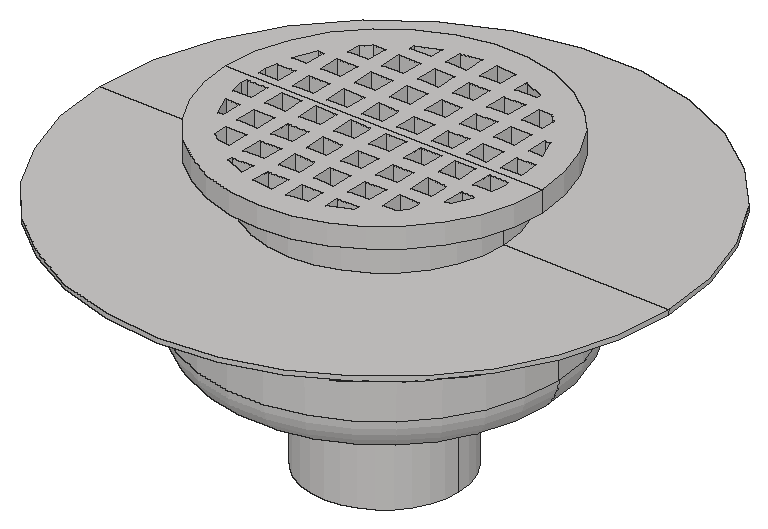
Revit family
Parameters (values of type "9600A05-02")
  Width = 9"
  Waste Connection Radius = 1"
  Waste Connection Diameter = Waste Connection Radius * 2  # 2"
  Waste Connection = yes
  Vent Connection = no
  URL = "www.jrsmith.com"
  Price = "Prices may vary. Please consult Manufacturer Representative for most up-to-date price list."  # constant formula
  Phone Number = "416-250-5656"  # constant formula
  Omniclass Table 23 Title = "Waste Water Drains"  # constant formula
  Omniclass Table 23 Code = "23.70.50.21.24"  # constant formula
  Nominal Height (1/2" min - 1-1/2" max) = 1"
  Model = "9600A05-2\""
  Material = Metal-Jay R Smith-Stainless Steel
  Masterformat Title = "Sanitary Drains"  # constant formula
  Masterformat Number = "22 13 19.13"  # constant formula
  Manufacturer = "Jay R. Smith"
  Length = Width  # 9"
  Height = 3 3/4"
  HW Connection = no
  Description = "General purpose floor drain with round adjustable strainer head for light duty use."
  Default Elevation = 0"
  Creation Date = "27/10/2014"  # constant formula
  Created By = "Allied Technical Services"  # constant formula
  CW Connection = no
  Assembly Code = "D2030300"
  ATS URL = "http://www.atsspec.net"
Types (4): name | Waste Connection Radius | Waste Connection Diameter | Model
  (no name) | 1" | 2" | "9600A05-2\""
  9600A05-02 | 1" | 2" | "9600A05-2\""
  9600A05-03 | 1 1/2" | 3" | "9600A05-3\""
  9600A05-04 | 2" | 4" | "9600A05-4\""
Reference planes (in)
  plane 1 "Center (Front/Back)": y = 0
  plane 2: z = 0
  plane 3 "Center (Left/Right)": x = 0
  plane 4: x = -4.5
  plane 5: x = 4.5
  plane 6: z = 3.75
  plane 7: x = -1
  plane 8: x = 1
  plane 9: z = 4.75
  plane 10: x = -2.5
  plane 11: x = 2.5
Forms (in)
  Revolve 1, solid, material "Metal-Jay R Smith-Stainless Steel" <- "Material"
    sketch origin (0, 0, 0) x (1, 0, 0) y (0, 0, 1)
      loop
        line (1, 0) -> (1.18, 0) -> (1.18, 1.56336) -> (2.22418, 1.56336)
        arc (2.22418, 1.56336) -> (2.59648, 1.74487) -> (2.75182, 2.12883) r 0.57812
        line (2.75182, 2.12883) -> (2.76561, 2.91907)
        arc (2.76561, 2.91907) -> (2.89178, 3.21261) -> (3.18748, 3.33358) r 0.42188
        line (3.18748, 3.33358) -> (3.89593, 3.33358) -> (4.5, 3.68234) -> (4.5, 3.75) -> (1.88476, 3.75) -> (1.88476, 4.32602) -> (1.98624, 4.4275) -> (2.5, 4.4275) -> (2.5, 4.75) -> (0, 4.75) -> (0, 4.48382) -> (1.743, 4.48382) -> (1.743, 3.41171) -> (2.69608, 3.41171) -> (2.67371, 2.13056)
        arc (2.67371, 2.13056) -> (2.54058, 1.79949) -> (2.22064, 1.64148) r 0.5
        line (2.22064, 1.64148) -> (1, 1.64148) -> (1, 0)
      axis (0, 0) -> (0, 4.75)
    angle from 0 to 360
  Extrusion 2, void
    sketch origin (0, 0, 0) x (1, 0, 0) y (0, 1, 0)
      loop
        arc (-2.04611, 0.44) -> (-2.06568, 0.33635) -> (-2.08, 0.23184) r 2.09288
        line (-2.08, 0.23184) -> (-2.08, 0.11) -> (-1.75, 0.11) -> (-1.75, 0.44) -> (-2.04611, 0.44)
      loop
        line (-1.54, 0.44) -> (-1.54, 0.11) -> (-1.21, 0.11) -> (-1.21, 0.44) -> (-1.54, 0.44)
      loop
        line (-1.54, 0.99) -> (-1.54, 0.66) -> (-1.21, 0.66) -> (-1.21, 0.99) -> (-1.54, 0.99)
      loop
        arc (-1.41723, 1.54) -> (-1.47989, 1.47989) -> (-1.54, 1.41723) r 2.09288
        line (-1.54, 1.41723) -> (-1.54, 1.21) -> (-1.21, 1.21) -> (-1.21, 1.54) -> (-1.41723, 1.54)
      loop
        line (-1, 0.44) -> (-1, 0.11) -> (-0.66, 0.11) -> (-0.66, 0.44) -> (-1, 0.44)
      loop
        line (-1, 0.99) -> (-1, 0.66) -> (-0.66, 0.66) -> (-0.66, 0.99) -> (-1, 0.99)
      loop
        line (-1, 1.54) -> (-1, 1.21) -> (-0.66, 1.21) -> (-0.66, 1.54) -> (-1, 1.54)
      loop
        line (-0.43977, 0.44) -> (-0.43977, 0.11) -> (-0.10977, 0.11) -> (-0.10977, 0.44) -> (-0.43977, 0.44)
      loop
        line (-0.43977, 0.99) -> (-0.43977, 0.66) -> (-0.10977, 0.66) -> (-0.10977, 0.99) -> (-0.43977, 0.99)
      loop
        line (-0.43977, 1.54) -> (-0.43977, 1.21) -> (-0.10977, 1.21) -> (-0.10977, 1.54) -> (-0.43977, 1.54)
      loop
        line (-1, 1.76) -> (-0.66, 1.76) -> (-0.66, 1.98609)
        arc (-0.66, 1.98609) -> (-0.83327, 1.91985) -> (-1, 1.83852) r 2.09288
        line (-1, 1.83852) -> (-1, 1.76)
      loop
        line (-0.43977, 1.76) -> (-0.10977, 1.76) -> (-0.10977, 2.09)
        arc (-0.10977, 2.09) -> (-0.27564, 2.07465) -> (-0.43977, 2.04616) r 2.09288
        line (-0.43977, 2.04616) -> (-0.43977, 1.76)
      loop
        arc (-1.84392, 0.99) -> (-1.9221, 0.82806) -> (-1.98609, 0.66) r 2.09288
        line (-1.98609, 0.66) -> (-1.75, 0.66) -> (-1.75, 0.99) -> (-1.84392, 0.99)
      loop
        line (2.04611, 0.44) -> (1.75, 0.44) -> (1.75, 0.11) -> (2.08, 0.11) -> (2.08, 0.23184)
        arc (2.08, 0.23184) -> (2.06568, 0.33635) -> (2.04611, 0.44) r 2.09288
      loop
        line (1.54, 0.44) -> (1.21, 0.44) -> (1.21, 0.11) -> (1.54, 0.11) -> (1.54, 0.44)
      loop
        line (1.54, 0.99) -> (1.21, 0.99) -> (1.21, 0.66) -> (1.54, 0.66) -> (1.54, 0.99)
      loop
        line (1.41723, 1.54) -> (1.21, 1.54) -> (1.21, 1.21) -> (1.54, 1.21) -> (1.54, 1.41723)
        arc (1.54, 1.41723) -> (1.47989, 1.47989) -> (1.41723, 1.54) r 2.09288
      loop
        line (1, 0.44) -> (0.66, 0.44) -> (0.66, 0.11) -> (1, 0.11) -> (1, 0.44)
      loop
        line (1, 0.99) -> (0.66, 0.99) -> (0.66, 0.66) -> (1, 0.66) -> (1, 0.99)
      loop
        line (1, 1.54) -> (0.66, 1.54) -> (0.66, 1.21) -> (1, 1.21) -> (1, 1.54)
      loop
        line (0.43977, 0.44) -> (0.10977, 0.44) -> (0.10977, 0.11) -> (0.43977, 0.11) -> (0.43977, 0.44)
      loop
        line (0.43977, 0.99) -> (0.10977, 0.99) -> (0.10977, 0.66) -> (0.43977, 0.66) -> (0.43977, 0.99)
      loop
        line (0.43977, 1.54) -> (0.10977, 1.54) -> (0.10977, 1.21) -> (0.43977, 1.21) -> (0.43977, 1.54)
      loop
        line (1, 1.76) -> (1, 1.83852)
        arc (1, 1.83852) -> (0.83327, 1.91985) -> (0.66, 1.98609) r 2.09288
        line (0.66, 1.98609) -> (0.66, 1.76) -> (1, 1.76)
      loop
        line (0.43977, 1.76) -> (0.43977, 2.04616)
        arc (0.43977, 2.04616) -> (0.27564, 2.07465) -> (0.10977, 2.09) r 2.09288
        line (0.10977, 2.09) -> (0.10977, 1.76) -> (0.43977, 1.76)
      loop
        line (1.84392, 0.99) -> (1.75, 0.99) -> (1.75, 0.66) -> (1.98609, 0.66)
        arc (1.98609, 0.66) -> (1.9221, 0.82806) -> (1.84392, 0.99) r 2.09288
      loop
        line (-2.04611, -0.44) -> (-1.75, -0.44) -> (-1.75, -0.11) -> (-2.08, -0.11) -> (-2.08, -0.23184)
        arc (-2.08, -0.23184) -> (-2.06568, -0.33635) -> (-2.04611, -0.44) r 2.09288
      loop
        line (-1.54, -0.44) -> (-1.21, -0.44) -> (-1.21, -0.11) -> (-1.54, -0.11) -> (-1.54, -0.44)
      loop
        line (-1.54, -0.99) -> (-1.21, -0.99) -> (-1.21, -0.66) -> (-1.54, -0.66) -> (-1.54, -0.99)
      loop
        line (-1.41723, -1.54) -> (-1.21, -1.54) -> (-1.21, -1.21) -> (-1.54, -1.21) -> (-1.54, -1.41723)
        arc (-1.54, -1.41723) -> (-1.47989, -1.47989) -> (-1.41723, -1.54) r 2.09288
      loop
        line (-1, -0.44) -> (-0.66, -0.44) -> (-0.66, -0.11) -> (-1, -0.11) -> (-1, -0.44)
      loop
        line (-1, -0.99) -> (-0.66, -0.99) -> (-0.66, -0.66) -> (-1, -0.66) -> (-1, -0.99)
      loop
        line (-1, -1.54) -> (-0.66, -1.54) -> (-0.66, -1.21) -> (-1, -1.21) -> (-1, -1.54)
      loop
        line (-0.43977, -0.44) -> (-0.10977, -0.44) -> (-0.10977, -0.11) -> (-0.43977, -0.11) -> (-0.43977, -0.44)
      loop
        line (-0.43977, -0.99) -> (-0.10977, -0.99) -> (-0.10977, -0.66) -> (-0.43977, -0.66) -> (-0.43977, -0.99)
      loop
        line (-0.43977, -1.54) -> (-0.10977, -1.54) -> (-0.10977, -1.21) -> (-0.43977, -1.21) -> (-0.43977, -1.54)
      loop
        line (-1, -1.76) -> (-1, -1.83852)
        arc (-1, -1.83852) -> (-0.83327, -1.91985) -> (-0.66, -1.98609) r 2.09288
        line (-0.66, -1.98609) -> (-0.66, -1.76) -> (-1, -1.76)
      loop
        line (-0.43977, -1.76) -> (-0.43977, -2.04616)
        arc (-0.43977, -2.04616) -> (-0.27564, -2.07465) -> (-0.10977, -2.09) r 2.09288
        line (-0.10977, -2.09) -> (-0.10977, -1.76) -> (-0.43977, -1.76)
      loop
        line (-1.84392, -0.99) -> (-1.75, -0.99) -> (-1.75, -0.66) -> (-1.98609, -0.66)
        arc (-1.98609, -0.66) -> (-1.9221, -0.82806) -> (-1.84392, -0.99) r 2.09288
      loop
        arc (2.04611, -0.44) -> (2.06568, -0.33635) -> (2.08, -0.23184) r 2.09288
        line (2.08, -0.23184) -> (2.08, -0.11) -> (1.75, -0.11) -> (1.75, -0.44) -> (2.04611, -0.44)
      loop
        line (1.54, -0.44) -> (1.54, -0.11) -> (1.21, -0.11) -> (1.21, -0.44) -> (1.54, -0.44)
      loop
        line (1.54, -0.99) -> (1.54, -0.66) -> (1.21, -0.66) -> (1.21, -0.99) -> (1.54, -0.99)
      loop
        arc (1.41723, -1.54) -> (1.47989, -1.47989) -> (1.54, -1.41723) r 2.09288
        line (1.54, -1.41723) -> (1.54, -1.21) -> (1.21, -1.21) -> (1.21, -1.54) -> (1.41723, -1.54)
      loop
        line (1, -0.44) -> (1, -0.11) -> (0.66, -0.11) -> (0.66, -0.44) -> (1, -0.44)
      loop
        line (1, -0.99) -> (1, -0.66) -> (0.66, -0.66) -> (0.66, -0.99) -> (1, -0.99)
      loop
        line (1, -1.54) -> (1, -1.21) -> (0.66, -1.21) -> (0.66, -1.54) -> (1, -1.54)
      loop
        line (0.43977, -0.44) -> (0.43977, -0.11) -> (0.10977, -0.11) -> (0.10977, -0.44) -> (0.43977, -0.44)
      loop
        line (0.43977, -0.99) -> (0.43977, -0.66) -> (0.10977, -0.66) -> (0.10977, -0.99) -> (0.43977, -0.99)
      loop
        line (0.43977, -1.54) -> (0.43977, -1.21) -> (0.10977, -1.21) -> (0.10977, -1.54) -> (0.43977, -1.54)
      loop
        line (1, -1.76) -> (0.66, -1.76) -> (0.66, -1.98609)
        arc (0.66, -1.98609) -> (0.83327, -1.91985) -> (1, -1.83852) r 2.09288
        line (1, -1.83852) -> (1, -1.76)
      loop
        line (0.43977, -1.76) -> (0.10977, -1.76) -> (0.10977, -2.09)
        arc (0.10977, -2.09) -> (0.27564, -2.07465) -> (0.43977, -2.04616) r 2.09288
        line (0.43977, -2.04616) -> (0.43977, -1.76)
      loop
        arc (1.84392, -0.99) -> (1.9221, -0.82806) -> (1.98609, -0.66) r 2.09288
        line (1.98609, -0.66) -> (1.75, -0.66) -> (1.75, -0.99) -> (1.84392, -0.99)
    from 4.48382 to 6.06517
Cuts and joins
  Extrusion 2 cuts Revolve 1
Dimensions and locks (in)
  "Height": plane 6 to plane 2
  "Waste Connection Diameter": plane 8 to plane 7
  "Width": plane 5 to plane 4
  equal spacing: plane 8, plane 3 "Center (Left/Right)", plane 7
  equal spacing: plane 5, plane 3 "Center (Left/Right)", plane 4
  "Nominal Height (1/2" min - 1-1/2" max)": plane 9 to plane 6
  locked: plane 11 to plane 10 at 5
  locked: plane 8 to Revolve 1 sketch curve at 0.18
  locked: plane 3 "Center (Left/Right)" to Revolve 1 sketch curve at 1.743
  locked: plane 9 to Revolve 1 sketch curve at 0.3225
  locked: plane 9 to Revolve 1 sketch curve at 0.26618
  aligned and locked: plane 8 to Revolve 1 sketch curve
  aligned and locked: Extrusion 2 to cut or joined group of Revolve 1, Extrusion 2
Automatic sketch dimensions
  Revolve 1 sketch curve to Revolve 1 sketch curve = 0"  (x5)
  Revolve 1 sketch curve to plane 3 "Center (Left/Right)" = 0"  (x2)
  Revolve 1 sketch curve to plane 6 = 0"
  Revolve 1 sketch curve to plane 9 = 0"
  Revolve 1 sketch curve to plane 11 = 0"
  Revolve 1 sketch curve to level = 0"
  Revolve 1 sketch curve to Revolve 1 sketch curve = 0.14176"
  Revolve 1 sketch curve to Revolve 1 sketch curve = 0.10148"  (x2)
  plane 11 to Revolve 1 sketch curve = 0.32621"
  plane 11 to Revolve 1 sketch curve = 0.27936"
  Revolve 1 sketch curve to Revolve 1 sketch curve = 0.00354"
  Revolve 1 sketch curve to plane 11 = 0.17371"
  Revolve 1 sketch curve to plane 11 = 0.19608"
  Revolve 1 sketch curve to Revolve 1 sketch curve = 5/64"  (x2)
  Revolve 1 sketch curve to plane 11 = 17/64"
  Revolve 1 sketch curve to Revolve 1 sketch curve = 0.00006"
  Revolve 1 sketch curve to Revolve 1 sketch curve = 0.42181"
  plane 5 to Revolve 1 sketch curve = 0.60407"
  plane 5 to Revolve 1 sketch curve = 0"
  Revolve 1 sketch curve to level = 5.86427"
  Revolve 1 sketch curve to Revolve 1 sketch curve = 1/2"
  Revolve 1 sketch curve to Revolve 1 sketch curve = 1.56336"
  Revolve 1 sketch curve to Revolve 1 sketch curve = 0.48735"
  Revolve 1 sketch curve to plane 6 = 0.83829"
  Revolve 1 sketch curve to Revolve 1 sketch curve = 0.00736"
  Revolve 1 sketch curve to plane 6 = 0.33829"
  Revolve 1 sketch curve to plane 6 = 0.06766"
  Extrusion 2 sketch curve to Extrusion 2 sketch curve = 0"  (x446)
  plane 5 to Extrusion 2 sketch curve = 6.58"
  Extrusion 2 sketch curve to Extrusion 2 sketch curve = 0.03389"  (x4)
  Extrusion 2 sketch curve to Extrusion 2 sketch curve = 0.06002"  (x4)
  Extrusion 2 sketch curve to Extrusion 2 sketch curve = 0.14217"  (x2)
  Extrusion 2 sketch curve to Extrusion 2 sketch curve = 0.23609"  (x3)
  Extrusion 2 sketch curve to Extrusion 2 sketch curve = 0.29611"
  Extrusion 2 sketch curve to Extrusion 2 sketch curve = 0.09392"  (x3)
  Extrusion 2 sketch curve to Extrusion 2 sketch curve = 0.21"  (x23)
  Extrusion 2 sketch curve to Extrusion 2 sketch curve = 0.12277"  (x3)
  Extrusion 2 sketch curve to Extrusion 2 sketch curve = 0.33"  (x28)
  Extrusion 2 sketch curve to Extrusion 2 sketch curve = 0.34"  (x11)
  Extrusion 2 sketch curve to Extrusion 2 sketch curve = 0.22023"  (x14)
  Extrusion 2 sketch curve to Extrusion 2 sketch curve = 0.10977"  (x2)
  Extrusion 2 sketch curve to Extrusion 2 sketch curve = 0.21954"  (x7)
  Extrusion 2 sketch curve to Extrusion 2 sketch curve = 0.20723"  (x6)
  plane 1 "Center (Front/Back)" to Extrusion 2 sketch curve = 2.09"
  Extrusion 2 sketch curve to Extrusion 2 sketch curve = 0.04384"
  Extrusion 2 sketch curve to Extrusion 2 sketch curve = 0.06007"  (x4)
  Extrusion 2 sketch curve to Extrusion 2 sketch curve = 0.07852"  (x4)
  Extrusion 2 sketch curve to Extrusion 2 sketch curve = 0.22"  (x27)
  Extrusion 2 sketch curve to Extrusion 2 sketch curve = 0.12184"  (x3)
Connectors (in)
  piping at (0, 0, 0), driven by "Waste Connection Radius"
    settings: on cut or joined group of Revolve 1, Extrusion 2, index 1
